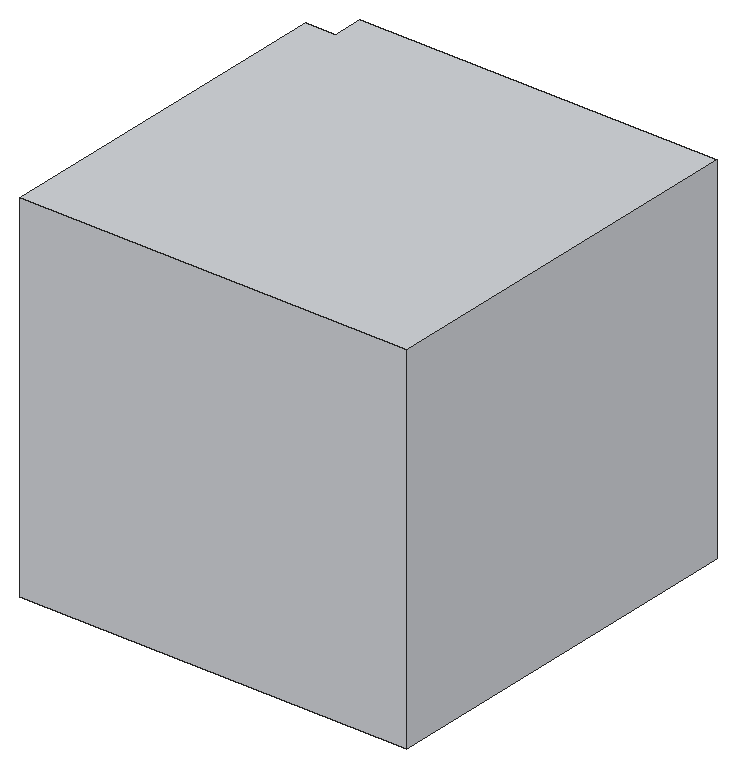
Revit family "f30fac24cf1249fca8541f50c940af53", category Duct Fittings, Revit 2021
Family settings
  Round Connector Dimension = Use Diameter
  Part Type = Elbow
  OmniClass Number = 23.75.70.14
  OmniClass Title = Air Ductwork
  Seek Item ID = Rectangular Elbow - Mitered - Double Thickness Vanes-0000-USA-ENU
  Work Plane-Based = No
  Always vertical = Yes
  Cut with Voids When Loaded = No
  Shared = No
Parameters (values of type "Standard")
  Vanes Space [instance] = Vanes Radius  # 3"
  Duct Width [instance] = 12"
  Shoulder Length [instance] = 1"
  Number [instance] = if((Length 1 + Length 2) / Vanes Space > 2, (Length 1 + Length 2) / Vanes Space, 2)  # 4
  Length 2 [instance] = if((Half Duct Width - Vanes Radius) > 0' 0", Half Duct Width - Vanes Radius, 0' 1")  # 3"
  Length 1 [instance] = Half Duct Width + Vanes Radius / 2  # 7 1/2"
  Duct Length1 [instance] = tan(Angle / 2) * Duct Width / 2 + Shoulder Length  # 7"
  Vanes Radius [instance] = Duct Width / 4  # 3"
  Duct Height [instance] = 12"
  Half Duct Width [instance] = Duct Width / 2  # 6"
  Half Duct Length 1 [instance] = Duct Length1 / 2  # 3 1/2"
  Half Duct Height [instance] = Duct Height / 2  # 6"
  Default Elevation = 0' - 0"
  Angle 2 [instance] = Angle / 2  # 45.00°
  Angle [instance] = 90.00°
Reference planes (in)
  plane 1 "Center (Front/Back)": y = 0
  plane 2: z = 0
  plane 3 "Center (Left/Right)": x = 0
  plane 4: x = -7
Forms (in)
  Sweep 1, solid, detail levels medium+fine
    path in 3D
      loop
        line (-7, 0, 0) -> (0, 0, 0) -> (0, 7, 0)
    profile "Duct - Rectangular : Duct - Rectangular" origin (-3.5, 0, 0) x (0, 1, 0) y (0, 0, 1)
      loop
        line (-6, 6) -> (-6, -6) -> (6, -6) -> (6, 6) -> (-6, 6)
Lines and regions (in)
  reference lines
    curve 1: line (-7, 0, 0) -> (0, 0, 0)
    curve 6: line (0, 0, 0) -> (-5.3033, 5.3033, 0)
    curve 7: line (0, 0, 0) -> (2.12132, -2.12132, 0)
    curve 8: line (-5.3033, 5.3033, 0) -> (-7.42462, 3.18198, 0)
    curve 9: line (-3.18198, 3.18198, 0) -> (-5.3033, 1.06066, 0)
  model lines, style "DuctFitting", detail levels coarse
    curve 2: line (0, 0, 0) -> (0, 7, 0)
    curve 5: line (-7, 0, 0) -> (0, 0, 0)
  sketch lines
    curve 3: line (-7, 0, 0) -> (0, 0, 0)
    curve 4: line (0, 0, 0) -> (0, 7, 0)
  model lines, detail levels coarse
    curve 10: line (0, 0, 0) -> (-2.47487, 2.47487, 0)
    curve 11: line (0, 0, 0) -> (2.47487, -2.47487, 0)
Dimensions and locks (in)
  "Duct Length1": plane 4 to plane 3 "Center (Left/Right)"
  "Duct Length1": curve 2 to curve 2
  "Length 1": curve 6 to curve 6
  "Length 2": curve 7 to curve 7
  "Vanes Space": curve 8 to curve 9
  "Half Duct Length 1": curve 10 to curve 10
  "Half Duct Length 1": curve 11 to curve 11
  equal spacing: group 1, group 2, group 3, group 4  (x2)
  equal spacing: group 4, group 3, group 2, group 1
  "Angle": angle plane 1 "Center (Front/Back)" to curve 2
  "Angle 2": angle plane 3 "Center (Left/Right)" to curve 7
  "Angle 2": angle plane 3 "Center (Left/Right)" to curve 6
  locked: curve 6 to curve 8 (angle 90.00°)
  locked: curve 9 to curve 6 (angle 90.00°)
  "Angle 2": angle plane 3 "Center (Left/Right)" to curve 10
  "Angle 2": angle plane 3 "Center (Left/Right)" to curve 11
  aligned and locked: plane 1 "Center (Front/Back)" to curve 1
  aligned and locked: plane 3 "Center (Left/Right)" to curve 1
  aligned and locked: plane 4 to curve 1
  aligned and locked: curve 5 to curve 1
  aligned and locked: nested 1 to curve 8  (x2)
  aligned and locked: nested 2 to curve 9  (x2)
Automatic sketch dimensions
  curve 5 to plane 4 = 0' - 0"
  curve 11 to plane 3 "Center (Left/Right)" = 0' - 0"
Nested families (in)
  nested 1: "Duct - Double Vanes" at (-5.3033, 5.3033, 0), Radius <- "Vanes Radius", Height <- "Half Duct Height", Angle <- "Angle", type "Duct - Double Vanes", detail levels medium+fine
    with Radius 3", Height 6", Half Radius Length 1 1/2", Half Radius 1 1/2", Angle 90.00°
  nested 2: "Duct - Double Vanes" at (-3.18198, 3.18198, 0), Radius <- "Vanes Radius", Height <- "Half Duct Height", Angle <- "Angle", type "Duct - Double Vanes", detail levels medium+fine
    with Radius 3", Height 6", Half Radius Length 1 1/2", Half Radius 1 1/2", Angle 90.00°
  nested 3: "Duct - Double Vanes" at (-1.06066, 1.06066, 0), Radius <- "Vanes Radius", Height <- "Half Duct Height", Angle <- "Angle", type "Duct - Double Vanes", detail levels medium+fine
    with Radius 3", Height 6", Half Radius Length 1 1/2", Half Radius 1 1/2", Angle 90.00°
  nested 4: "Duct - Double Vanes" at (1.06066, -1.06066, 0), Radius <- "Vanes Radius", Height <- "Half Duct Height", Angle <- "Angle", type "Duct - Double Vanes", detail levels medium+fine
    with Radius 3", Height 6", Half Radius Length 1 1/2", Half Radius 1 1/2", Angle 90.00°
Connectors (in)
  hvac at (-7, 0, 0), driven by "Duct Height", driven by "Duct Width", driven by "Angle"
    settings: on Sweep 1, index 1, duct flow 0 CFM, flow factor 0, pres drop 0.00 in-wg, loss coef 0, conn angle 90.00°, conn width 12", conn height 12", conn diameter 24", duct sys type 28, conn prof type 1, flow config 0, flow direction 0, loss method 0, conn ref index 2, conn util no, is conn primary yes, conn desc ""
  hvac at (0, 7, 0), driven by "Duct Height", driven by "Duct Width", driven by "Angle"
    settings: on Sweep 1, index 2, duct flow 0 CFM, flow factor 0, pres drop 0.00 in-wg, loss coef 0, conn angle 90.00°, conn width 12", conn height 12", conn diameter 24", duct sys type 28, conn prof type 1, flow config 0, flow direction 0, loss method 0, conn ref index 1, conn util no, is conn primary no, conn desc ""
Definition of nested family "Duct - Double Vanes"
  Parameters
    Radius [instance] = 3/4"
    Half Radius Length [instance] = Half Radius * tan(Angle / 2)  # 3/8"
    Half Radius [instance] = Radius / 2  # 3/8"
    Height [instance] = 1"
    Default Elevation = 0' - 0"
    Assembly Code = ""
    Angle [instance] = 90.00°
  Reference planes (in)
    plane 1 "Center (Front/Back)": y = 0
    plane 2: z = 0
    plane 3 "Center (Left/Right)": x = 0
    plane 4: y = -0.75
    plane 5: x = 0.75
    plane 6: z = 1
    plane 7: z = -1
    plane 8: y = -0.375
    plane 9: x = 0.375
  Lines and regions (in)
    model lines
      curve 1: arc (0, -0.75, 1) -> (0.53033, -0.53033, 1) -> (0.75, 0, 1) r 0.75
      curve 2: arc (0.75, -0.375, 1) -> (0.64017, -0.64017, 1) -> (0.375, -0.75, 1) r 0.375
      curve 3: line (0, -0.75, 1) -> (0.375, -0.75, 1)
      curve 4: line (0.75, -0.375, 1) -> (0.75, 0, 1)
      curve 5: arc (0, -0.75, -1) -> (0.53033, -0.53033, -1) -> (0.75, 0, -1) r 0.75
      curve 6: arc (0.375, -0.75, -1) -> (0.64017, -0.64017, -1) -> (0.75, -0.375, -1) r 0.375
      curve 7: line (0, -0.75, -1) -> (0.375, -0.75, -1)
      curve 8: line (0.75, -0.375, -1) -> (0.75, 0, -1)
  Dimensions and locks (in)
    "Radius": plane 3 "Center (Left/Right)" to plane 5
    "Radius": plane 1 "Center (Front/Back)" to plane 4
    "Height": plane 6 to plane 2
    "Half Radius": plane 8 to plane 1 "Center (Front/Back)"
    "Half Radius Length": plane 3 "Center (Left/Right)" to plane 9
    "Half Radius Length": curve 4 to curve 4
    "Half Radius Length": curve 8 to curve 8
    "Height": plane 2 to plane 7
    "Radius": radius of curve 1
    "Half Radius": radius of curve 2
    "Radius": radius of curve 5
    "Half Radius": radius of curve 6
    "Angle": angle curve 1 to curve 1
    "Angle": angle curve 2 to curve 2
    "Angle": angle curve 3 to curve 4
    "Angle": angle curve 5 to curve 5
    "Angle": angle curve 6 to curve 6
    "Angle": angle curve 7 to curve 8
    aligned and locked: plane 1 "Center (Front/Back)" to curve 1
    aligned and locked: plane 3 "Center (Left/Right)" to curve 1
    aligned and locked: plane 9 to curve 2
    aligned and locked: plane 3 "Center (Left/Right)" to curve 3
    aligned and locked: plane 9 to curve 3
    aligned and locked: curve 3 to plane 4
    aligned and locked: plane 3 "Center (Left/Right)" to curve 5
    aligned and locked: plane 8 to curve 6
    aligned and locked: plane 9 to curve 6
    aligned and locked: plane 3 "Center (Left/Right)" to curve 7
    aligned and locked: plane 9 to curve 7
    aligned and locked: plane 1 "Center (Front/Back)" to curve 5
